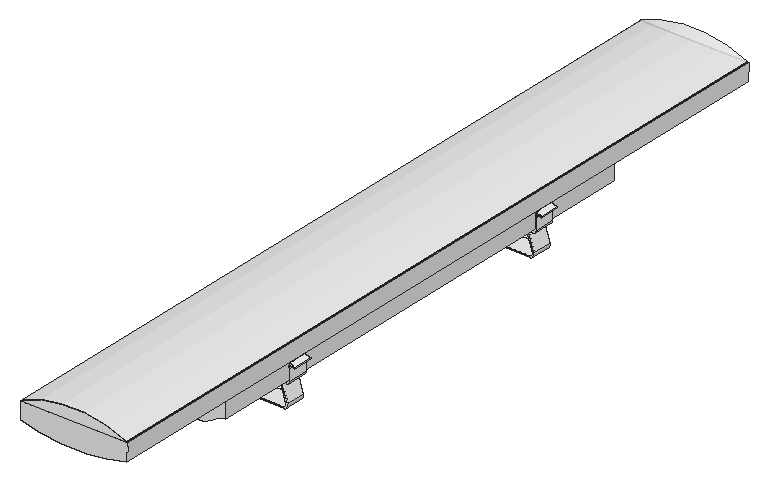
Revit family "Lighting-Industriale-GEWISS-SMART[3]-PLAFONIERA-LED_OPALE_800mm", category Apparecchi per illuminazione, host Superficie, Revit 2019
Family settings
  Host = Superficie
  Quota connettore circolare = Usa diametro
  Tipo di parte = Normale
  Taglio con vuoti quando caricato = No
  Sorgente d'illuminazione = No
  Condiviso = No
  Punto di calcolo locali = Sì
Parameters (values of type "GWS3218PL57K - SMART3 LED 800 2X18 OPALE 57K LP")
  visibilita etichetta [instance] = yes
  Viti esterne = "-"
  Versione file RFA = "20.11"
  Vano di alimentazione = "Integrato"
  URL = "https://www.gewiss.com/it/it"
  Tolleranza cromatica = "SDCM = 3"
  Tipologia sorgente luminosa = "LED - Non sostituibile"
  Tipologia = "Stand alone - Cablaggio passante"
  Tipo di installazione e montaggio = "Plafone - Parete - Sospensione"
  Tipo di apparecchio = "Apparecchio a LED per illuminazione generale"
  Tipo alimentatore = "Driver Led in corrente continua"
  Tensione di alimentazione = "220 - 240 V"
  Tensione = "220/240 V - 50/60 Hz - Stand alone"
  Temperatura di utilizzo = "-30 +50 °C"
  Temperatura di stoccaggio = "-25 +80 °C"
  Temperatura di funzionamento = ""
  Temperatura di esercizio = "-25 +50 °C"
  Temperatura di colore: = "5700 K (CRI>80)"
  Temperatura di colore = "5700K"
  Superficie massima esposta al vento : = "-"
  Struttura = GEWISS - SMART 3 - GRIGIO
  Stampa 1_200 = no
  Stampa 1_100 = not(Stampa 1_200)  # yes
  SostituibilitÃ  piastra di cablaggio = "Non disponibile"
  SostituibilitÃ  gruppo ottico = "Non disponibile"
  Sistema di controllo : = "ON / OFF"
  Sistema di controllo = "Linea Passante - On / Off"
  Schermo. = Gewiss - Led Acceso
  Schermo = "Policarbonato stabilizzato agli UV"
  Scheda Tecnica = "https://www.gewiss.com/it/it/search?q=GWS3218PL57K"
  SEO = "Plafoniera"
  Resistenza alle sovratensioni : = "2KV in modalità comune; 1KV in modalità differenziale"
  Resistenza al filo incandescente = "850 °C"
  Resistenza agli urti = "IK08"
  Default Elevation = 1219.2 mm
  Produttore = "GEWISS S.p.A."
  Potenza di sistema = "27W"
  Peso (kg): = "1,5"
  Ottica = "Opale diffondente"
  NÂ° LED (#) = ""
  Norma di riferimento = "EN60598-1; IEC 62778; IEC62471"
  Modello = "GWS3218PL57K"
  Materiali = "-"
  Lunghezza Lampada = 800 mm  # constant formula
  Lunghezza = "800 mm"
  Lumen output (lm) = "3200"
  Lampada: = "LED"
  Lampada = "LED"
  LED LifeTime (L80B20) = "85000H"
  LED Life time (L90B50) = "50000H"
  LED Life time (L80B50) = "100000H"
  LED Life time (L70) = ""
  Installazione e manutenzione = "-"
  Informazioni generali = "-"
  Indice di resa cromatica = "CRI-80"
  Inclinazione = "Con staffa di fissaggio"
  Immagine tipo = GWS3118P.jpg
  IPEA = "-"
  IFC.TypeObject = ""
  IFC.ExportType = ""
  IFC.ExportAs = ""
  IDT = "fcf66c1144b2485984176bd14d901461"
  IDF = "5808b300-a783-4204-a962-730db1a73099"
  Guarnizioni = "Sigillante depositato a CNC"
  Gruppo ottico = "Integrato nello schermo"
  Grado di protezione = "IP66/IP69"
  Glow Wire Test = "850°C"
  Garanzia = "5 anni"
  Gancio di chiusura = "-"
  Ganci = GEWISS  - ALLUMINIO
  Spostamento_Y_effettivo_etichetta [instance] = 1500 mm - Spostamento_Y_etichetta  # 1500 mm
  Spostamento_X_effettivo_etichetta [instance] = 1500 mm - Spostamento_X_etichetta  # 1500 mm
  Spostamento_Y_etichetta [instance] = 0 mm
  Spostamento_X_etichetta [instance] = 0 mm
  Frequenza nominale (Hz) = "50/60 Hz"
  Flusso nominale (lm) = "3500"
  Fissaggio = "Supporto in acciaio INOX"
  Finitura colore = "PC colorato in pasta RAL7035"
  Failure rate apparecchio (50.000h, Tq=25Â° C) = "<2,5%"
  Failure rate apparecchio (35.000h, Tq=35Â° C) = "<2,5%"
  Efficienza luminosa (lm/W) = "119"
  Durata di vita = "L90B50 (Tq+25°C) = 50.000h - L80B10 (Tq+25°C) = 100.000h"
  Dispositivo di protezione = "DM 1KV / CM 2KV"
  Descrizione = "SMART3 LED 800 2X18 OPALE 57K LP"
  Creato da GEWISS S.p.A. = ""
  Corpo = "Policarbonato"
  Controllo abbagliamento e luminanza = "UGR - 25 (4H/8H)"
  Contesto = "Illuminazione di magazzini, parcheggi coperti e locali produttivi industriali"
  Commenti sul wattaggio = "27W"
  Colore = "Grigio (RAL 7035)"
  Codice digitale univoco (Datamatrix) = "Datamatrix"
  Codice Electrocod = "2434"
  Codice EAN = ""
  Classificazione: = "-"
  Classe isolamento = "II"
  Classe fotobiologica = "RG0"
  Classe di efficienza LED integrati = "A ÷ A++"
  Certificazioni e classificazioni = "-"
  Certificazione DIN 18032-3 = "Non disponibile"
  Catalogo Serie = "SMART [3]"
  Catalogo = "LIGHTING"
  Carico apparente = 27 VA
  Caratteristiche ottiche e illuminotecniche = "-"
  Caratteristiche elettriche e gestione della luce = "-"
  Cablaggio : = "Passante"
  Cablaggio = "Con connettore stagno Gw connect"
  COBie.Tagnumber = ""
  COBie.CreatedOn = ""
  COBie.CreatebBy = ""
  COBie.ComponentRegisterItemID = ""
  COBie.Component.TagNumber = ""
  COBie.Component.Space = ""
  COBie.Component.SerialNumber = ""
  COBie.Component.InstallationDate = ""
  COBie.Component.Description = ""
  COBie.Component.BarCode = ""
  Applicazione = "Interno"
  Apparecchio a ridotta temperatura superficiale = "Si"
  Alimentatore = "Incluso"
Types (16, lengths in mm): name | Viti esterne | Vano di alimentazione | Tolleranza cromatica | Tipologia | Tipo di installazione e montaggio | Tipo di apparecchio | Tensione di alimentazione | Tensione | Temperatura di stoccaggio | Temperatura di funzionamento | Temperatura di esercizio | Temperatura di colore: | Temperatura di colore | Superficie massima esposta al vento : | SostituibilitÃ  piastra di cablaggio | SostituibilitÃ  gruppo ottico | Sistema di controllo : | Sistema di controllo | Schermo | Scheda Tecnica | Resistenza alle sovratensioni : | Resistenza al filo incandescente | Potenza di sistema | Ottica | NÂ° LED (#) | Norma di riferimento | Modello | Materiali | Lumen output (lm) | LED Life time (L70) | Installazione e manutenzione | Informazioni generali | Indice di resa cromatica | Inclinazione | IPEA | IDT | Guarnizioni | Gruppo ottico | Gancio di chiusura | Frequenza nominale (Hz) | Flusso nominale (lm) | Fissaggio | Finitura colore | Efficienza luminosa (lm/W) | Durata di vita | Dispositivo di protezione | Descrizione | Corpo | Controllo abbagliamento e luminanza | Contesto | Commenti sul wattaggio | Colore | Codice digitale univoco (Datamatrix) | Codice EAN | Classificazione: | Classe fotobiologica | Certificazioni e classificazioni | Certificazione DIN 18032-3 | Carico apparente | Caratteristiche ottiche e illuminotecniche | Caratteristiche elettriche e gestione della luce | Cablaggio : | Cablaggio | Apparecchio a ridotta temperatura superficiale | Alimentatore
  GWS3118P - SMART3 LED 800 1X18 OPALE | "" | "" | "" | "Stand alone" | "" | "" | "" | "220/240 V - 50/60 Hz - Stand alone" | "" | "-25 +50 °C" | "" | "4000 K (CRI 80)" | "4000 K (CRI 80)" | "" | "" | "" | "" | "" | "Opale" | "https://www.gewiss.com/it/it/search?q=GWS3118P" | "" | "" | "15W" | "" | "36" | "" | "GWS3118P" | "" | "1500" | "80000H" | "" | "" | "" | "" | "" | "dd6f6ca5-1cd7-4fdd-b873-34af3d669c5d" | "" | "" | "" | "" | "2100" | "" | "" | "" | "" | "" | "SMART3 800 36LED 15W OPALE 4000K" | "" | "" | "" | "15W" | "" | "" | "8011564857520" | "" | "" | "" | "" | 15 VA | "" | "" | "" | "" | "Conforme" | ""
  GWS3218P - SMART3 LED 800 2X18 OPALE | "" | "" | "" | "Stand alone" | "" | "" | "" | "220/240 V - 50/60 Hz - Stand alone" | "" | "-25 +50 °C" | "" | "4000 K (CRI 80)" | "4000 K (CRI 80)" | "" | "" | "" | "" | "" | "Opale" | "https://www.gewiss.com/it/it/search?q=GWS3218P" | "" | "" | "27W" | "" | "42" | "" | "GWS3218P" | "" | "3200" | "80000H" | "" | "" | "" | "" | "" | "15e32f0c-b7e5-4b78-b915-def7fb3abd9f" | "" | "" | "" | "" | "3500" | "" | "" | "" | "" | "" | "SMART3 800 42LED 26W OPALE 4000K" | "" | "" | "" | "26W" | "" | "" | "8011564857551" | "" | "" | "" | "" | 26 VA | "" | "" | "" | "" | "Conforme" | ""
  GWS3218P30K - SMART3 LED 800 2X18 OPALE 30K | "" | "" | "" | "Stand alone" | "" | "" | "" | "220/240 V - 50/60 Hz - Stand alone" | "" | "-25 +50 °C" | "" | "3000 K (CRI 80)" | "3000 K (CRI 80)" | "" | "" | "" | "" | "" | "Opale" | "https://www.gewiss.com/it/it/search?q=GWS3218P30K" | "" | "" | "27W" | "" | "42" | "" | "GWS3218P30K" | "" | "3200" | "80000H" | "" | "" | "" | "" | "" | "4732731f-e107-4645-aa5f-3083814cc429" | "" | "" | "" | "" | "3500" | "" | "" | "" | "" | "" | "SMART3 800 42LED 26W OPALE 3000K" | "" | "" | "" | "26W" | "" | "" | "8011564872608" | "" | "" | "" | "" | 26 VA | "" | "" | "" | "" | "Conforme" | ""
  GWS3218P57K - SMART3 LED 800 2X18 OPALE 57K | "" | "" | "" | "Stand alone" | "" | "" | "" | "220/240 V - 50/60 Hz - Stand alone" | "" | "-25 +50 °C" | "" | "5700 K (CRI 80)" | "5700 K (CRI 80)" | "" | "" | "" | "" | "" | "Opale" | "https://www.gewiss.com/it/it/search?q=GWS3218P57K" | "" | "" | "27W" | "" | "42" | "" | "GWS3218P57K" | "" | "3200" | "80000H" | "" | "" | "" | "" | "" | "4c0d3a94-93b2-4e20-b5b8-5a65ef3e71ec" | "" | "" | "" | "" | "3500" | "" | "" | "" | "" | "" | "SMART3 800 42LED 26W OPALE 5700K" | "" | "" | "" | "26W" | "" | "" | "8011564872400" | "" | "" | "" | "" | 26 VA | "" | "" | "" | "" | "Conforme" | ""
  GWS3118PD - SMART3 LED 800 1X18 OPALE DALI | "" | "" | "" | "DALI" | "" | "" | "" | "220/240 V - 50/60 Hz - Dali" | "" | "-25 +50 °C" | "" | "4000 K (CRI 80)" | "4000 K (CRI 80)" | "" | "" | "" | "" | "" | "Opale" | "https://www.gewiss.com/it/it/search?q=GWS3118PD" | "" | "" | "17W" | "" | "36" | "" | "GWS3118PD" | "" | "1500" | "80000H" | "" | "" | "" | "" | "" | "168a289a-cb64-49b9-9e46-5a80c12d58b1" | "" | "" | "" | "" | "2100" | "" | "" | "" | "" | "" | "SMART3 800 36LED 18W OPALE DALI 4000K" | "" | "" | "" | "18W" | "" | "" | "8011564869189" | "" | "" | "" | "" | 18 VA | "" | "" | "" | "" | "Conforme" | ""
  GWS3218PD - SMART3 LED 800 2X18 OPALE DALI | "" | "" | "" | "DALI" | "" | "" | "" | "220/240 V - 50/60 Hz - Dali" | "" | "-25 +50 °C" | "" | "4000 K (CRI 80)" | "4000 K (CRI 80)" | "" | "" | "" | "" | "" | "Opale" | "https://www.gewiss.com/it/it/search?q=GWS3218PD" | "" | "" | "27W" | "" | "42" | "" | "GWS3218PD" | "" | "3200" | "80000H" | "" | "" | "" | "" | "" | "04c7f455-ff77-44c7-ae58-d7a5b95bc69a" | "" | "" | "" | "" | "3500" | "" | "" | "" | "" | "" | "SMART3 800 42LED 27W OPALE DALI 4000K" | "" | "" | "" | "27W" | "" | "" | "8011564869219" | "" | "" | "" | "" | 27 VA | "" | "" | "" | "" | "Conforme" | ""
  GWS3218PD30K - SMART3 LED 800 2X18 OPALE DALI 30K | "" | "" | "" | "DALI" | "" | "" | "" | "220/240 V - 50/60 Hz - Dali" | "" | "-25 +50 °C" | "" | "3000 K (CRI 80)" | "3000 K (CRI 80)" | "" | "" | "" | "" | "" | "Opale" | "https://www.gewiss.com/it/it/search?q=GWS3218PD30K" | "" | "" | "27W" | "" | "42" | "" | "GWS3218PD30K" | "" | "3200" | "80000H" | "" | "" | "" | "" | "" | "57fa4c51-7fe9-487e-b1ca-5c72ace5f9fb" | "" | "" | "" | "" | "3500" | "" | "" | "" | "" | "" | "SMART3 800 42LED 27W OPALE DALI 3000K" | "" | "" | "" | "27W" | "" | "" | "8011564877023" | "" | "" | "" | "" | 27 VA | "" | "" | "" | "" | "Conforme" | ""
  GWS3218PD57K - SMART3 LED 800 2X18 OPALE DALI 57K | "" | "" | "" | "DALI" | "" | "" | "" | "220/240 V - 50/60 Hz - Dali" | "" | "-25 +50 °C" | "" | "5700 K (CRI 80)" | "5700 K (CRI 80)" | "" | "" | "" | "" | "" | "Opale" | "https://www.gewiss.com/it/it/search?q=GWS3218PD57K" | "" | "" | "27W" | "" | "42" | "" | "GWS3218PD57K" | "" | "3200" | "80000H" | "" | "" | "" | "" | "" | "63a7b619-e627-41d9-aefa-0e89ed4538c3" | "" | "" | "" | "" | "3500" | "" | "" | "" | "" | "" | "SMART3 800 42LED 27W OPALE DALI 5700K" | "" | "" | "" | "27W" | "" | "" | "8011564877030" | "" | "" | "" | "" | 27 VA | "" | "" | "" | "" | "Conforme" | ""
  GWS3118PL - SMART3 LED 800 1X18 OPALE LP | "-" | "Integrato" | "SDCM = 3" | "Stand alone - Cablaggio passante" | "Plafone - Parete - Sospensione" | "Apparecchio a LED per illuminazione generale" | "220 - 240 V" | "220/240 V - 50/60 Hz - Stand alone" | "-25 +80 °C" | "" | "-25 +50 °C" | "4000 K (CRI>80)" | "4000K" | "-" | "Non disponibile" | "Non disponibile" | "ON / OFF" | "Linea Passante - On / Off" | "Policarbonato stabilizzato agli UV" | "https://www.gewiss.com/it/it/search?q=GWS3118PL" | "2KV in modalità comune; 1KV in modalità differenziale" | "850 °C" | "15W" | "Opale diffondente" | "" | "EN60598-1; IEC 62778; IEC62471" | "GWS3118PL" | "-" | "1700" | "" | "-" | "-" | "CRI-80" | "Con staffa di fissaggio" | "-" | "a5e9189979614d16ba0ef922d7e973c8" | "Sigillante depositato a CNC" | "Integrato nello schermo" | "-" | "50/60 Hz" | "2100" | "Supporto in acciaio INOX" | "PC colorato in pasta RAL7035" | "113" | "L90B50 (Tq+25°C) = 50.000h - L80B10 (Tq+25°C) = 100.000h" | "DM 1KV / CM 2KV" | "SMART3 LED 800 1X18 OPALE LP" | "Policarbonato" | "UGR - 22 (4H/8H)" | "Illuminazione di magazzini, parcheggi coperti e locali produttivi industriali" | "18W" | "Grigio (RAL 7035)" | "Datamatrix" | "" | "-" | "RG0" | "-" | "Non disponibile" | 18 VA | "-" | "-" | "Passante" | "Con connettore stagno Gw connect" | "Si" | "Incluso"
  GWS3118PLD - SMART3 LED 800 1X18 OPALE DALI LP | "-" | "Integrato" | "SDCM = 3" | "Dali - Cablaggio passante" | "Plafone - Parete - Sospensione" | "Apparecchio a LED per illuminazione generale" | "220 - 240 V" | "220/240 V - 50/60 Hz - Dali" | "-25 +80 °C" | "" | "-25 +50 °C" | "4000 K (CRI>80)" | "4000K" | "-" | "Non disponibile" | "Non disponibile" | "DALI" | "Linea Passante - DALI" | "Policarbonato stabilizzato agli UV" | "https://www.gewiss.com/it/it/search?q=GWS3118PLD" | "2KV in modalità comune; 1KV in modalità differenziale" | "850 °C" | "15W" | "Opale diffondente" | "" | "EN60598-1; IEC 62778; IEC62471" | "GWS3118PLD" | "-" | "1700" | "" | "-" | "-" | "CRI-80" | "Con staffa di fissaggio" | "-" | "6a5b773c999e45b79a8ac098ea39b15e" | "Sigillante depositato a CNC" | "Integrato nello schermo" | "-" | "50/60 Hz" | "2100" | "Supporto in acciaio INOX" | "PC colorato in pasta RAL7035" | "113" | "L90B50 (Tq+25°C) = 50.000h - L80B10 (Tq+25°C) = 100.000h" | "DM 1KV / CM 2KV" | "SMART3 LED 800 1X18 OPALE DALI LP" | "Policarbonato" | "UGR - 22 (4H/8H)" | "Illuminazione di magazzini, parcheggi coperti e locali produttivi industriali" | "18W" | "Grigio (RAL 7035)" | "Datamatrix" | "" | "-" | "RG0" | "-" | "Non disponibile" | 18 VA | "-" | "-" | "Passante" | "Con connettore stagno Gw connect" | "Si" | "Incluso"
  GWS3218PL - SMART3 LED 800 2X18 OPALE LP | "-" | "Integrato" | "SDCM = 3" | "Stand alone - Cablaggio passante" | "Plafone - Parete - Sospensione" | "Apparecchio a LED per illuminazione generale" | "220 - 240 V" | "220/240 V - 50/60 Hz - Stand alone" | "-25 +80 °C" | "" | "-25 +50 °C" | "4000 K (CRI>80)" | "4000K" | "-" | "Non disponibile" | "Non disponibile" | "ON / OFF" | "Linea Passante - On / Off" | "Policarbonato stabilizzato agli UV" | "https://www.gewiss.com/it/it/search?q=GWS3218PL" | "2KV in modalità comune; 1KV in modalità differenziale" | "850 °C" | "27W" | "Opale diffondente" | "" | "EN60598-1; IEC 62778; IEC62471" | "GWS3218PL" | "-" | "3200" | "" | "-" | "-" | "CRI-80" | "Con staffa di fissaggio" | "-" | "0f0e4fa0921d42ef9e5e903e1ec2fade" | "Sigillante depositato a CNC" | "Integrato nello schermo" | "-" | "50/60 Hz" | "3500" | "Supporto in acciaio INOX" | "PC colorato in pasta RAL7035" | "119" | "L90B50 (Tq+25°C) = 50.000h - L80B10 (Tq+25°C) = 100.000h" | "DM 1KV / CM 2KV" | "SMART3 LED 800 2X18 OPALE LP" | "Policarbonato" | "UGR - 25 (4H/8H)" | "Illuminazione di magazzini, parcheggi coperti e locali produttivi industriali" | "27W" | "Grigio (RAL 7035)" | "Datamatrix" | "" | "-" | "RG0" | "-" | "Non disponibile" | 27 VA | "-" | "-" | "Passante" | "Con connettore stagno Gw connect" | "Si" | "Incluso"
  GWS3218PL30K - SMART3 LED 800 2X18 OPALE 30K LP | "-" | "Integrato" | "SDCM = 3" | "Stand alone - Cablaggio passante" | "Plafone - Parete - Sospensione" | "Apparecchio a LED per illuminazione generale" | "220 - 240 V" | "220/240 V - 50/60 Hz - Stand alone" | "-25 +80 °C" | "" | "-25 +50 °C" | "3000 K (CRI>80)" | "3000K" | "-" | "Non disponibile" | "Non disponibile" | "ON / OFF" | "Linea Passante - On / Off" | "Policarbonato stabilizzato agli UV" | "https://www.gewiss.com/it/it/search?q=GWS3218PL30K" | "2KV in modalità comune; 1KV in modalità differenziale" | "850 °C" | "27W" | "Opale diffondente" | "" | "EN60598-1; IEC 62778; IEC62471" | "GWS3218PL30K" | "-" | "3000" | "" | "-" | "-" | "CRI-80" | "Con staffa di fissaggio" | "-" | "1d055fa70e574335a6f6106f14b7e4b1" | "Sigillante depositato a CNC" | "Integrato nello schermo" | "-" | "50/60 Hz" | "3300" | "Supporto in acciaio INOX" | "PC colorato in pasta RAL7035" | "111" | "L90B50 (Tq+25°C) = 50.000h - L80B10 (Tq+25°C) = 100.000h" | "DM 1KV / CM 2KV" | "SMART3 LED 800 2X18 OPALE 30K LP" | "Policarbonato" | "UGR - 25 (4H/8H)" | "Illuminazione di magazzini, parcheggi coperti e locali produttivi industriali" | "27W" | "Grigio (RAL 7035)" | "Datamatrix" | "" | "-" | "RG0" | "-" | "Non disponibile" | 27 VA | "-" | "-" | "Passante" | "Con connettore stagno Gw connect" | "Si" | "Incluso"
  GWS3218PL57K - SMART3 LED 800 2X18 OPALE 57K LP | "-" | "Integrato" | "SDCM = 3" | "Stand alone - Cablaggio passante" | "Plafone - Parete - Sospensione" | "Apparecchio a LED per illuminazione generale" | "220 - 240 V" | "220/240 V - 50/60 Hz - Stand alone" | "-25 +80 °C" | "" | "-25 +50 °C" | "5700 K (CRI>80)" | "5700K" | "-" | "Non disponibile" | "Non disponibile" | "ON / OFF" | "Linea Passante - On / Off" | "Policarbonato stabilizzato agli UV" | "https://www.gewiss.com/it/it/search?q=GWS3218PL57K" | "2KV in modalità comune; 1KV in modalità differenziale" | "850 °C" | "27W" | "Opale diffondente" | "" | "EN60598-1; IEC 62778; IEC62471" | "GWS3218PL57K" | "-" | "3200" | "" | "-" | "-" | "CRI-80" | "Con staffa di fissaggio" | "-" | "fcf66c1144b2485984176bd14d901461" | "Sigillante depositato a CNC" | "Integrato nello schermo" | "-" | "50/60 Hz" | "3500" | "Supporto in acciaio INOX" | "PC colorato in pasta RAL7035" | "119" | "L90B50 (Tq+25°C) = 50.000h - L80B10 (Tq+25°C) = 100.000h" | "DM 1KV / CM 2KV" | "SMART3 LED 800 2X18 OPALE 57K LP" | "Policarbonato" | "UGR - 25 (4H/8H)" | "Illuminazione di magazzini, parcheggi coperti e locali produttivi industriali" | "27W" | "Grigio (RAL 7035)" | "Datamatrix" | "" | "-" | "RG0" | "-" | "Non disponibile" | 27 VA | "-" | "-" | "Passante" | "Con connettore stagno Gw connect" | "Si" | "Incluso"
  GWS3218PLD - SMART3 LED 800 2X18 OPALE DALI LP | "-" | "Integrato" | "SDCM = 3" | "Dali - Cablaggio passante" | "Plafone - Parete - Sospensione" | "Apparecchio a LED per illuminazione generale" | "220 - 240 V" | "220/240 V - 50/60 Hz - Dali" | "-25 +80 °C" | "" | "-25 +50 °C" | "4000 K (CRI>80)" | "4000K" | "-" | "Non disponibile" | "Non disponibile" | "DALI" | "Linea Passante - DALI" | "Policarbonato stabilizzato agli UV" | "https://www.gewiss.com/it/it/search?q=GWS3218PLD" | "2KV in modalità comune; 1KV in modalità differenziale" | "850 °C" | "27W" | "Opale diffondente" | "" | "EN60598-1; IEC 62778; IEC62471" | "GWS3218PLD" | "-" | "3200" | "" | "-" | "-" | "CRI-80" | "Con staffa di fissaggio" | "-" | "d702d1458a864ae592fc5afea704ccd7" | "Sigillante depositato a CNC" | "Integrato nello schermo" | "-" | "50/60 Hz" | "3500" | "Supporto in acciaio INOX" | "PC colorato in pasta RAL7035" | "119" | "L90B50 (Tq+25°C) = 50.000h - L80B10 (Tq+25°C) = 100.000h" | "DM 1KV / CM 2KV" | "SMART3 LED 800 2X18 OPALE DALI LP" | "Policarbonato" | "UGR - 25 (4H/8H)" | "Illuminazione di magazzini, parcheggi coperti e locali produttivi industriali" | "27W" | "Grigio (RAL 7035)" | "Datamatrix" | "" | "-" | "RG0" | "-" | "Non disponibile" | 27 VA | "-" | "-" | "Passante" | "Con connettore stagno Gw connect" | "Si" | "Incluso"
  GWS3218PLD30K - SMART3 LED 800 2X18 OPALE DALI 30K LP | "-" | "Integrato" | "SDCM = 3" | "Dali - Cablaggio passante" | "Plafone - Parete - Sospensione" | "Apparecchio a LED per illuminazione generale" | "220 - 240 V" | "220/240 V - 50/60 Hz - Dali" | "-25 +80 °C" | "" | "-25 +50 °C" | "3000 K (CRI>80)" | "3000K" | "-" | "Non disponibile" | "Non disponibile" | "DALI" | "Linea Passante - DALI" | "Policarbonato stabilizzato agli UV" | "https://www.gewiss.com/it/it/search?q=GWS3218PLD30K" | "2KV in modalità comune; 1KV in modalità differenziale" | "850 °C" | "27W" | "Opale diffondente" | "" | "EN60598-1; IEC 62778; IEC62471" | "GWS3218PLD30K" | "-" | "3000" | "" | "-" | "-" | "CRI-80" | "Con staffa di fissaggio" | "-" | "7ba084a04ce44540b6e537ab1b0eb97c" | "Sigillante depositato a CNC" | "Integrato nello schermo" | "-" | "50/60 Hz" | "3300" | "Supporto in acciaio INOX" | "PC colorato in pasta RAL7035" | "111" | "L90B50 (Tq+25°C) = 50.000h - L80B10 (Tq+25°C) = 100.000h" | "DM 1KV / CM 2KV" | "SMART3 LED 800 2X18 OPALE DALI 30K LP" | "Policarbonato" | "UGR - 25 (4H/8H)" | "Illuminazione di magazzini, parcheggi coperti e locali produttivi industriali" | "27W" | "Grigio (RAL 7035)" | "Datamatrix" | "" | "-" | "RG0" | "-" | "Non disponibile" | 27 VA | "-" | "-" | "Passante" | "Con connettore stagno Gw connect" | "Si" | "Incluso"
  GWS3218PLD57K - SMART3 LED 800 2X18 OPALE DALI 57K LP | "-" | "Integrato" | "SDCM = 3" | "Dali - Cablaggio passante" | "Plafone - Parete - Sospensione" | "Apparecchio a LED per illuminazione generale" | "220 - 240 V" | "220/240 V - 50/60 Hz - Dali" | "-25 +80 °C" | "" | "-25 +50 °C" | "5700 K (CRI>80)" | "5700K" | "-" | "Non disponibile" | "Non disponibile" | "DALI" | "Linea Passante - DALI" | "Policarbonato stabilizzato agli UV" | "https://www.gewiss.com/it/it/search?q=GWS3218PLD57K" | "2KV in modalità comune; 1KV in modalità differenziale" | "850 °C" | "27W" | "Opale diffondente" | "" | "EN60598-1; IEC 62778; IEC62471" | "GWS3218PLD57K" | "-" | "3200" | "" | "-" | "-" | "CRI-80" | "Con staffa di fissaggio" | "-" | "df3f914af2b340dcb5d8aeddf15f92d4" | "Sigillante depositato a CNC" | "Integrato nello schermo" | "-" | "50/60 Hz" | "3500" | "Supporto in acciaio INOX" | "PC colorato in pasta RAL7035" | "119" | "L90B50 (Tq+25°C) = 50.000h - L80B10 (Tq+25°C) = 100.000h" | "DM 1KV / CM 2KV" | "SMART3 LED 800 2X18 OPALE DALI 57K LP" | "Policarbonato" | "UGR - 25 (4H/8H)" | "Illuminazione di magazzini, parcheggi coperti e locali produttivi industriali" | "27W" | "Grigio (RAL 7035)" | "Datamatrix" | "" | "-" | "RG0" | "-" | "Non disponibile" | 27 VA | "-" | "-" | "Passante" | "Con connettore stagno Gw connect" | "Si" | "Incluso"
Reference planes
  plane 1 "Centro (Fronte/Retro)": y = 0
  plane 2: z = 0
  plane 3 "Centro (Sinistra/Destra)": x = 0
  plane 4: x = -1500
  plane 5: y = -1500
  plane 6: y = 0
  plane 7: x = 0
Forms (mm)
  Extrusion 1, solid, material "GEWISS  - ALLUMINIO" <- "Ganci", detail levels medium+fine
    sketch origin (0, 0, 0) x (1, 0, 0) y (0, 0, 1)
      loop
        arc (31.431, -0.002) -> (34.576, 1.589) -> (35.156, 5.066) r 3.903
        line (35.156, 5.066) -> (29.612, 23.211)
        arc (29.612, 23.211) -> (29.883, 24.381) -> (31.032, 24.73) r 1.2
        line (31.032, 24.73) -> (34.307, 23.974)
        arc (34.307, 23.974) -> (36.765, 24.53) -> (37.859, 26.8) r 2.9
        line (37.859, 26.8) -> (37.859, 38.8)
        arc (37.859, 38.8) -> (37.648, 39.694) -> (37.059, 40.4) r 2
        line (37.059, 40.4) -> (37.059, 42.71) -> (42.889, 40.588) -> (43.231, 41.528) -> (37.53, 43.603)
        arc (37.53, 43.603) -> (37.019, 43.613) -> (36.605, 43.311) r 0.8
        line (36.605, 43.311) -> (36.306, 26.139)
        arc (36.306, 26.139) -> (35.6, 25.444) -> (34.616, 25.34) r 1.5
        line (34.616, 25.34) -> (31.344, 26.095)
        arc (31.344, 26.095) -> (28.858, 25.335) -> (28.273, 22.802) r 2.6
        line (28.273, 22.802) -> (33.827, 4.636)
        arc (33.827, 4.636) -> (33.449, 2.415) -> (31.438, 1.4) r 2.5
        line (31.438, 1.4) -> (-31.437, 1.4)
        arc (-31.437, 1.4) -> (-33.449, 2.415) -> (-33.827, 4.636) r 2.5
        line (-33.827, 4.636) -> (-28.273, 22.802)
        arc (-28.273, 22.802) -> (-28.858, 25.335) -> (-31.344, 26.095) r 2.6
        line (-31.344, 26.095) -> (-34.616, 25.34)
        arc (-34.616, 25.34) -> (-35.6, 25.444) -> (-36.306, 26.139) r 1.5
        line (-36.306, 26.139) -> (-36.605, 43.311)
        arc (-36.605, 43.311) -> (-37.019, 43.613) -> (-37.53, 43.603) r 0.8
        line (-37.53, 43.603) -> (-43.203, 41.538) -> (-42.861, 40.598) -> (-37.059, 42.71) -> (-37.059, 40.4)
        arc (-37.059, 40.4) -> (-37.648, 39.694) -> (-37.859, 38.8) r 2
        line (-37.859, 38.8) -> (-37.859, 26.8)
        arc (-37.859, 26.8) -> (-36.765, 24.53) -> (-34.307, 23.974) r 2.9
        line (-34.307, 23.974) -> (-31.032, 24.73)
        arc (-31.032, 24.73) -> (-29.883, 24.381) -> (-29.612, 23.211) r 1.2
        line (-29.612, 23.211) -> (-35.156, 5.066)
        arc (-35.156, 5.066) -> (-34.576, 1.589) -> (-31.431, -0.002) r 3.903
        line (-31.431, -0.002) -> (31.431, -0.002)
    from 148.766 to 168.766
  Extrusion 2, solid, material "GEWISS  - ALLUMINIO" <- "Ganci", detail levels medium+fine
    sketch origin (0, 0, 0) x (1, 0, 0) y (0, 0, -1)
      loop
        line (31.431, 0.002) -> (-31.431, 0.002)
        arc (-31.431, 0.002) -> (-34.576, -1.589) -> (-35.156, -5.066) r 3.903
        line (-35.156, -5.066) -> (-29.612, -23.211)
        arc (-29.612, -23.211) -> (-29.883, -24.381) -> (-31.032, -24.73) r 1.2
        line (-31.032, -24.73) -> (-34.307, -23.974)
        arc (-34.307, -23.974) -> (-36.765, -24.53) -> (-37.859, -26.8) r 2.9
        line (-37.859, -26.8) -> (-37.859, -38.8)
        arc (-37.859, -38.8) -> (-37.648, -39.694) -> (-37.059, -40.4) r 2
        line (-37.059, -40.4) -> (-37.059, -42.71) -> (-42.861, -40.598) -> (-43.203, -41.538) -> (-37.53, -43.603)
        arc (-37.53, -43.603) -> (-37.019, -43.613) -> (-36.605, -43.311) r 0.8
        line (-36.605, -43.311) -> (-36.306, -26.139)
        arc (-36.306, -26.139) -> (-35.6, -25.444) -> (-34.616, -25.34) r 1.5
        line (-34.616, -25.34) -> (-31.344, -26.095)
        arc (-31.344, -26.095) -> (-28.858, -25.335) -> (-28.273, -22.802) r 2.6
        line (-28.273, -22.802) -> (-33.827, -4.636)
        arc (-33.827, -4.636) -> (-33.449, -2.415) -> (-31.437, -1.4) r 2.5
        line (-31.437, -1.4) -> (31.438, -1.4)
        arc (31.438, -1.4) -> (33.449, -2.415) -> (33.827, -4.636) r 2.5
        line (33.827, -4.636) -> (28.273, -22.802)
        arc (28.273, -22.802) -> (28.858, -25.335) -> (31.344, -26.095) r 2.6
        line (31.344, -26.095) -> (34.616, -25.34)
        arc (34.616, -25.34) -> (35.6, -25.444) -> (36.306, -26.139) r 1.5
        line (36.306, -26.139) -> (36.605, -43.311)
        arc (36.605, -43.311) -> (37.019, -43.613) -> (37.53, -43.603) r 0.8
        line (37.53, -43.603) -> (43.203, -41.538) -> (42.861, -40.598) -> (37.059, -42.71) -> (37.059, -40.4)
        arc (37.059, -40.4) -> (37.648, -39.694) -> (37.859, -38.8) r 2
        line (37.859, -38.8) -> (37.859, -26.8)
        arc (37.859, -26.8) -> (36.765, -24.53) -> (34.307, -23.974) r 2.9
        line (34.307, -23.974) -> (31.032, -24.73)
        arc (31.032, -24.73) -> (29.883, -24.381) -> (29.612, -23.211) r 1.2
        line (29.612, -23.211) -> (35.156, -5.066)
        arc (35.156, -5.066) -> (34.576, -1.589) -> (31.431, 0.002) r 3.903
    from 148.766 to 168.766
  Extrusion 3, solid, material "GEWISS - SMART 3 - GRIGIO" <- "Struttura", detail levels medium+fine
    sketch origin (0, 0, 0) x (1, 0, 0) y (0, 0, 1)
      loop
        line (-36.331, 55.757) -> (-35.847, 28.018)
        arc (-35.847, 28.018) -> (-33.139, 27.27) -> (-30.416, 26.58) r 129.5
        arc (-30.416, 26.58) -> (-28.066, 25.76) -> (-25.915, 24.506) r 13
        arc (-25.915, 24.506) -> (-24.23, 23.324) -> (-22.521, 22.178) r 99.5
        arc (-22.521, 22.178) -> (-16.401, 19.063) -> (-9.748, 17.365) r 31.146
        line (-9.748, 17.365) -> (12.491, 17.365)
        arc (12.491, 17.365) -> (17.822, 19.098) -> (22.764, 21.745) r 31.646
        arc (22.764, 21.745) -> (24.509, 22.915) -> (26.228, 24.122) r 100
        arc (26.228, 24.122) -> (28.283, 25.313) -> (30.525, 26.095) r 12.5
        arc (30.525, 26.095) -> (33.437, 26.834) -> (36.332, 27.64) r 130
        line (36.332, 27.64) -> (36.824, 55.851)
        arc (36.824, 55.851) -> (24.914, 53.937) -> (12.909, 52.764) r 195.047
        line (12.909, 52.764) -> (-12.909, 52.764)
        arc (-12.909, 52.764) -> (-24.665, 53.905) -> (-36.331, 55.757) r 195.047
    from -250 to 250
  Extrusion 4, solid, material "GEWISS - SMART 3 - GRIGIO" <- "Struttura", detail levels medium+fine
    sketch origin (0, 0, 0) x (1, 0, 0) y (0, 0, 1)
      loop
        line (54.725, 60.184) -> (55.177, 77.445) -> (-55.177, 77.445) -> (-54.725, 60.184)
        arc (-54.725, 60.184) -> (-34.019, 55.332) -> (-12.909, 52.764) r 195.047
        line (-12.909, 52.764) -> (12.909, 52.764)
        arc (12.909, 52.764) -> (34.019, 55.332) -> (54.725, 60.184) r 195.047
    from -400 to 400
  Extrusion 5, solid, material "Gewiss - Led Acceso" <- "Schermo.", detail levels medium+fine
    sketch origin (0, 0, 0) x (1, 0, 0) y (0, 0, 1)
      loop
        arc (54.697, 78.441) -> (-0.014, 90.457) -> (-54.723, 78.429) r 130.5
        arc (-54.723, 78.429) -> (-54.988, 77.838) -> (-54.5, 77.445) r 0.5
        line (-54.5, 77.445) -> (54.479, 77.445)
        arc (54.479, 77.445) -> (54.988, 77.855) -> (54.697, 78.441) r 0.522
    from -400 to 400
  Extrusion 6, solid, material "GEWISS - SMART 3 - GRIGIO" <- "Struttura", detail levels coarse
    sketch origin (0, 0, 0) x (1, 0, 0) y (0, 0, 1)
      loop
        line (-54.5, 90.439) -> (-54.5, 0) -> (54.5, 0) -> (54.5, 90.439) -> (-54.5, 90.439)
    from -400 to 400
Lines and regions (mm)
  Masking region 1
    outline origin (0, 0, 0) x (1, 0, 0) y (0, 1, 0)
      loop
        line (-55.177, 400) -> (-55.177, -400) -> (55.177, -400) -> (55.177, 400) -> (-55.177, 400)
  model lines, style "GEWISS - LIGHT 2D", not visible
    curve 1: arc (658.224, 441.447, 0) -> (657.902, 441.529, 0) -> (657.571, 441.558, 0) r 1.999
    curve 2: arc (659.744, 439.503, 0) -> (659.172, 440.906, 0) -> (657.781, 441.505, 0) r 1.998
    curve 3: arc (549.391, -356.494, 0) -> (549.963, -357.897, 0) -> (551.356, -358.495, 0) r 1.998
    curve 4: arc (657.744, -358.495, 0) -> (659.181, -357.627, 0) -> (659.745, -356.046, 0) r 2.5
    curve 5: arc (551.891, 441.558, 0) -> (550.123, 440.825, 0) -> (549.391, 439.058, 0) r 2.5
    curve 6: line (657.571, 441.558, 0) -> (604.567, 441.558, 0)
    curve 7: line (604.567, 441.558, 0) -> (551.891, 441.558, 0)
    curve 8: line (551.356, -358.495, 0) -> (604.568, -358.495, 0)
    curve 9: line (604.568, -358.495, 0) -> (657.744, -358.495, 0)
    curve 10: line (659.745, -356.046, 0) -> (659.745, 439.503, 0)
    curve 11: line (657.781, 441.505, 0) -> (604.567, 441.505, 0)
    curve 12: line (549.391, -356.494, 0) -> (549.391, 439.058, 0)
    curve 13: line (604.569, 276.529, 0) -> (604.569, -193.52, 0)
  symbolic lines
    curve 14: line (0, 348.766, 0) -> (0, -351.234, 0)
Dimensions and locks
  plane 4 to plane 3 "Centro (Sinistra/Destra)" = 1500 mm
  plane 5 to plane 1 "Centro (Fronte/Retro)" = 1500 mm
  "Spostamento_Y_effettivo_etichetta": plane 6 to plane 5
  "Spostamento_X_effettivo_etichetta": plane 4 to plane 7
  aligned and locked: plane 2 to host face
  aligned and locked: level to host face
  aligned and locked: Masking region 1 sketch curve to Extrusion 4  (x4)
  aligned and locked: nested 1 to plane 6
  aligned and locked: nested 1 to plane 7
  aligned and locked: curve 14 to plane 7
Automatic sketch dimensions
  host sketch curve to host sketch curve = 2438.4 mm  (x2)
  Extrusion 1 sketch curve to Extrusion 1 sketch curve = 0 mm  (x28)
  Extrusion 1 sketch curve to plane 3 "Centro (Sinistra/Destra)" = 43.203 mm
  level to Extrusion 1 sketch curve = 40.598 mm
  Extrusion 1 sketch curve to Extrusion 1 sketch curve = 0.342 mm  (x2)
  Extrusion 1 sketch curve to Extrusion 1 sketch curve = 5.002 mm
  Extrusion 1 sketch curve to Extrusion 1 sketch curve = 0.329 mm
  Extrusion 1 sketch curve to Extrusion 1 sketch curve = 0.271 mm  (x2)
  Extrusion 1 sketch curve to Extrusion 1 sketch curve = 0.8 mm  (x2)
  Extrusion 1 sketch curve to Extrusion 1 sketch curve = 0.454 mm  (x2)
  Extrusion 1 sketch curve to Extrusion 1 sketch curve = 1.554 mm
  Extrusion 1 sketch curve to Extrusion 1 sketch curve = 2 mm
  level to Extrusion 1 sketch curve = 5.066 mm  (x2)
  Extrusion 1 sketch curve to Extrusion 1 sketch curve = 1.15 mm
  Extrusion 1 sketch curve to Extrusion 1 sketch curve = 1.346 mm  (x2)
  Extrusion 1 sketch curve to Extrusion 1 sketch curve = 0.343 mm  (x2)
  level to Extrusion 1 sketch curve = 4.636 mm  (x2)
  Extrusion 1 sketch curve to Extrusion 1 sketch curve = 1.329 mm  (x2)
  level to Extrusion 1 sketch curve = 1.4 mm
  Extrusion 1 sketch curve to Extrusion 1 sketch curve = 2.389 mm  (x2)
  Extrusion 1 sketch curve to Extrusion 1 sketch curve = 0.007 mm  (x2)
  Extrusion 1 sketch curve to Extrusion 1 sketch curve = 3.584 mm  (x2)
  Extrusion 1 sketch curve to Extrusion 1 sketch curve = 0.273 mm  (x2)
  plane 3 "Centro (Sinistra/Destra)" to Extrusion 1 sketch curve = 30.759 mm
  Extrusion 1 sketch curve to level = 0.002 mm
  Extrusion 1 sketch curve to Extrusion 1 sketch curve = 0.672 mm
  Extrusion 1 sketch curve to Extrusion 1 sketch curve = 0.9 mm
  level to Extrusion 1 sketch curve = 26.139 mm
  Extrusion 1 sketch curve to Extrusion 1 sketch curve = 0.746 mm
  Extrusion 1 sketch curve to Extrusion 1 sketch curve = 0.2 mm
  Extrusion 1 sketch curve to Extrusion 1 sketch curve = 5.029 mm
  Extrusion 1 sketch curve to Extrusion 1 sketch curve = 2.577 mm
  Extrusion 1 sketch curve to Extrusion 1 sketch curve = 18.496 mm
  Extrusion 1 sketch curve to Extrusion 1 sketch curve = 1.169 mm  (x2)
  Extrusion 1 sketch curve to Extrusion 1 sketch curve = 0.609 mm
  Extrusion 1 sketch curve to Extrusion 1 sketch curve = 0.799 mm  (x2)
  Extrusion 1 sketch curve to Extrusion 1 sketch curve = 1.798 mm
  Extrusion 1 sketch curve to Extrusion 1 sketch curve = 12 mm
  Extrusion 1 sketch curve to Extrusion 1 sketch curve = 1.788 mm
  Extrusion 1 sketch curve to Extrusion 1 sketch curve = 0.94 mm  (x2)
  Extrusion 1 sketch curve to Extrusion 1 sketch curve = 0.14 mm  (x2)
  Extrusion 1 sketch curve to Extrusion 1 sketch curve = 0.309 mm  (x2)
  Extrusion 1 sketch curve to Extrusion 1 sketch curve = 0.312 mm  (x2)
  Extrusion 1 sketch curve to Extrusion 1 sketch curve = 1.148 mm  (x2)
  Extrusion 1 sketch curve to Extrusion 1 sketch curve = 1.339 mm
  Extrusion 1 sketch curve to Extrusion 1 sketch curve = 2.486 mm
  Extrusion 1 sketch curve to Extrusion 1 sketch curve = 0.409 mm  (x2)
  Extrusion 2 sketch curve to Extrusion 2 sketch curve = 0 mm  (x28)
  Extrusion 2 sketch curve to plane 3 "Centro (Sinistra/Destra)" = 43.203 mm
  level to Extrusion 2 sketch curve = 40.598 mm
  Extrusion 2 sketch curve to Extrusion 2 sketch curve = 0.342 mm  (x2)
  Extrusion 2 sketch curve to Extrusion 2 sketch curve = 5.002 mm  (x2)
  Extrusion 2 sketch curve to Extrusion 2 sketch curve = 0.329 mm
  Extrusion 2 sketch curve to Extrusion 2 sketch curve = 0.271 mm  (x2)
  Extrusion 2 sketch curve to Extrusion 2 sketch curve = 0.8 mm  (x2)
  Extrusion 2 sketch curve to Extrusion 2 sketch curve = 0.454 mm  (x2)
  Extrusion 2 sketch curve to Extrusion 2 sketch curve = 1.554 mm
  Extrusion 2 sketch curve to Extrusion 2 sketch curve = 2 mm
  level to Extrusion 2 sketch curve = 5.066 mm  (x2)
  Extrusion 2 sketch curve to Extrusion 2 sketch curve = 1.15 mm
  Extrusion 2 sketch curve to Extrusion 2 sketch curve = 1.346 mm  (x2)
  Extrusion 2 sketch curve to Extrusion 2 sketch curve = 0.343 mm  (x2)
  level to Extrusion 2 sketch curve = 4.636 mm  (x2)
  Extrusion 2 sketch curve to Extrusion 2 sketch curve = 1.329 mm  (x2)
  level to Extrusion 2 sketch curve = 1.4 mm
  Extrusion 2 sketch curve to Extrusion 2 sketch curve = 2.389 mm  (x2)
  Extrusion 2 sketch curve to Extrusion 2 sketch curve = 0.007 mm  (x2)
  Extrusion 2 sketch curve to Extrusion 2 sketch curve = 3.584 mm  (x2)
  Extrusion 2 sketch curve to Extrusion 2 sketch curve = 0.273 mm  (x2)
  plane 3 "Centro (Sinistra/Destra)" to Extrusion 2 sketch curve = 30.759 mm
  Extrusion 2 sketch curve to level = 0.002 mm
  Extrusion 2 sketch curve to Extrusion 2 sketch curve = 0.672 mm
  Extrusion 2 sketch curve to Extrusion 2 sketch curve = 0.9 mm
  level to Extrusion 2 sketch curve = 26.139 mm
  Extrusion 2 sketch curve to Extrusion 2 sketch curve = 0.746 mm
  Extrusion 2 sketch curve to Extrusion 2 sketch curve = 0.2 mm
  Extrusion 2 sketch curve to Extrusion 2 sketch curve = 14.46 mm
  Extrusion 2 sketch curve to Extrusion 2 sketch curve = 0.94 mm  (x2)
  Extrusion 2 sketch curve to Extrusion 2 sketch curve = 0.14 mm  (x2)
  Extrusion 2 sketch curve to Extrusion 2 sketch curve = 2.31 mm  (x2)
  Extrusion 2 sketch curve to Extrusion 2 sketch curve = 12 mm
  Extrusion 2 sketch curve to Extrusion 2 sketch curve = 0.661 mm  (x2)
  Extrusion 2 sketch curve to Extrusion 2 sketch curve = 0.609 mm  (x2)
  Extrusion 2 sketch curve to Extrusion 2 sketch curve = 1.169 mm  (x2)
  Extrusion 2 sketch curve to Extrusion 2 sketch curve = 0.309 mm  (x2)
  Extrusion 2 sketch curve to Extrusion 2 sketch curve = 0.312 mm  (x2)
  Extrusion 2 sketch curve to Extrusion 2 sketch curve = 1.148 mm  (x2)
  Extrusion 2 sketch curve to Extrusion 2 sketch curve = 1.339 mm
  Extrusion 2 sketch curve to Extrusion 2 sketch curve = 2.486 mm
  Extrusion 2 sketch curve to Extrusion 2 sketch curve = 1.365 mm  (x2)
  Extrusion 3 sketch curve to plane 3 "Centro (Sinistra/Destra)" = 36.331 mm
  Extrusion 3 sketch curve to Extrusion 3 sketch curve = 0.484 mm
  Extrusion 3 sketch curve to Extrusion 3 sketch curve = 2.34 mm
  Extrusion 3 sketch curve to plane 3 "Centro (Sinistra/Destra)" = 32.068 mm
  Extrusion 3 sketch curve to plane 3 "Centro (Sinistra/Destra)" = 12.909 mm
  Extrusion 3 sketch curve to plane 3 "Centro (Sinistra/Destra)" = 9.748 mm
  Extrusion 3 sketch curve to plane 3 "Centro (Sinistra/Destra)" = 5.421 mm
  Extrusion 3 sketch curve to plane 3 "Centro (Sinistra/Destra)" = 0.057 mm
  Extrusion 3 sketch curve to plane 3 "Centro (Sinistra/Destra)" = 0.007 mm
  Extrusion 3 sketch curve to plane 3 "Centro (Sinistra/Destra)" = 0.001 mm
  plane 3 "Centro (Sinistra/Destra)" to Extrusion 3 sketch curve = 0.057 mm
  plane 3 "Centro (Sinistra/Destra)" to Extrusion 3 sketch curve = 5.412 mm
  plane 3 "Centro (Sinistra/Destra)" to Extrusion 3 sketch curve = 12.491 mm
  Extrusion 3 sketch curve to Extrusion 3 sketch curve = 7.496 mm
  plane 3 "Centro (Sinistra/Destra)" to Extrusion 3 sketch curve = 32.059 mm
  Extrusion 3 sketch curve to Extrusion 3 sketch curve = 21.008 mm
  Extrusion 3 sketch curve to Extrusion 3 sketch curve = 2.833 mm
  Extrusion 3 sketch curve to Extrusion 3 sketch curve = 23.916 mm
  level to Extrusion 3 sketch curve = 13.953 mm  (x2)
  level to Extrusion 3 sketch curve = 17.365 mm  (x2)
  Extrusion 3 sketch curve to Extrusion 3 sketch curve = 13.687 mm
  Extrusion 3 sketch curve to Extrusion 3 sketch curve = 14.064 mm
  Extrusion 3 sketch curve to Extrusion 3 sketch curve = 30.844 mm
  Extrusion 3 sketch curve to Extrusion 3 sketch curve = 0 mm  (x3)
  Extrusion 3 sketch curve to Extrusion 3 sketch curve = 4.555 mm
  Extrusion 3 sketch curve to Extrusion 3 sketch curve = 2.993 mm
  Extrusion 3 sketch curve to Extrusion 3 sketch curve = 3.087 mm
  Extrusion 3 sketch curve to Extrusion 3 sketch curve = 49.52 mm
  Extrusion 3 sketch curve to Extrusion 3 sketch curve = 49.615 mm
  Extrusion 3 sketch curve to Extrusion 3 sketch curve = 47.089 mm
  Extrusion 3 sketch curve to Extrusion 3 sketch curve = 5.431 mm
  Extrusion 3 sketch curve to Extrusion 3 sketch curve = 4.5 mm
  Extrusion 3 sketch curve to Extrusion 3 sketch curve = 10.273 mm
  Extrusion 3 sketch curve to Extrusion 3 sketch curve = 3.465 mm
  Extrusion 3 sketch curve to Extrusion 3 sketch curve = 4.297 mm
  Extrusion 4 sketch curve to plane 3 "Centro (Sinistra/Destra)" = 55.177 mm
  Extrusion 4 sketch curve to Extrusion 4 sketch curve = 0.452 mm  (x2)
  Extrusion 4 sketch curve to plane 3 "Centro (Sinistra/Destra)" = 12.909 mm
  Extrusion 4 sketch curve to plane 3 "Centro (Sinistra/Destra)" = 0.057 mm
  plane 3 "Centro (Sinistra/Destra)" to Extrusion 4 sketch curve = 0.057 mm
  plane 3 "Centro (Sinistra/Destra)" to Extrusion 4 sketch curve = 12.909 mm
  Extrusion 4 sketch curve to Extrusion 4 sketch curve = 41.816 mm
  level to Extrusion 4 sketch curve = 52.764 mm
  Extrusion 4 sketch curve to Extrusion 4 sketch curve = 7.42 mm  (x2)
  Extrusion 4 sketch curve to Extrusion 4 sketch curve = 17.262 mm
  Extrusion 5 sketch curve to plane 3 "Centro (Sinistra/Destra)" = 0 mm
  Extrusion 5 sketch curve to plane 3 "Centro (Sinistra/Destra)" = 54.5 mm
  plane 3 "Centro (Sinistra/Destra)" to Extrusion 5 sketch curve = 54.479 mm
  Extrusion 5 sketch curve to level = 40.043 mm
  level to Extrusion 5 sketch curve = 77.445 mm
  Extrusion 5 sketch curve to Extrusion 5 sketch curve = 0.5 mm
  Extrusion 5 sketch curve to Extrusion 5 sketch curve = 0.522 mm
  Extrusion 5 sketch curve to Extrusion 5 sketch curve = 0.21 mm
  Extrusion 5 sketch curve to Extrusion 5 sketch curve = 0.014 mm
  Extrusion 5 sketch curve to Extrusion 5 sketch curve = 0 mm
  Extrusion 6 sketch curve to level = 0 mm
  Extrusion 6 sketch curve to plane 3 "Centro (Sinistra/Destra)" = 54.5 mm
  plane 3 "Centro (Sinistra/Destra)" to Extrusion 6 sketch curve = 54.5 mm
  Extrusion 6 sketch curve to Extrusion 6 sketch curve = 90.439 mm
  plane 1 "Centro (Fronte/Retro)" to curve 14 = 351.234 mm
  curve 14 to plane 1 "Centro (Fronte/Retro)" = 348.766 mm
Nested families
  nested 1: "ETICHETTA WATTAGGIO" at (0, 0, 0), visible <- "visibilita etichetta", type "ETICHETTA WATTAGGIO"
Connectors
  electrical at (0, 0, 0), driven by "Carico apparente"
    settings: on Masking region 1, index 1, voltage 230 V, apparent load 0 VA, apparent load phase1 27 VA, apparent load phase2 0 VA, apparent load phase3 0 VA, power factor 1, load classification "Illuminazione", number of poles 2, system type 31, power factor state 1, is connector primary yes, connector utility no, sub classification motor no, connector description ""
Definition of nested family "ETICHETTA WATTAGGIO"
  Parameters (values of type "ETICHETTA WATTAGGIO")
    GW - Potenza di sistema = ""
    GW - Numero LED = ""
    COMMENTI = "13W"
    1_200 = no
    1_100 = yes
  Reference planes
    plane 1: y = 0
    plane 2: x = 0
  Text (mm)
    label "GW - Potenza di sistema\nGW - Numero LED LED" at (-0.057, -0.214, 0), shows "GW - Potenza di sistema", "GW - Numero LED", visible <- "1_100"
    label "GW - Potenza di sistema\nGW - Numero LED LED " at (-0.057, -0.214, 0), shows "GW - Potenza di sistema", "GW - Numero LED", visible <- "1_200"
